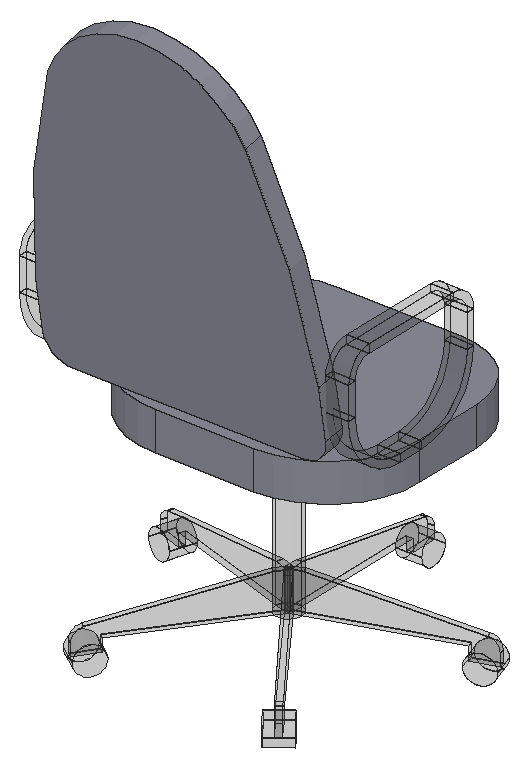
Revit family "АВЛН_Кресло поворотное офисное", category Мебель, Revit 2019
Family settings
  Номер OmniClass = 23.40.20.00
  Заголовок OmniClass = General Furniture and Specialties
  На основе рабочей плоскости = Нет
  Всегда вертикально = Да
  При загрузке вырезать с полостями = Нет
  Общий = Нет
  Точка расчета площади = Нет
Parameters (values of type "Кресло поворотное офисное")
  М_Сиденье = Текстиль - Серо-синий
  М_Основание = Пластмасса, непрозрачная, черная
  Описание = "Кресло поворотное офисное"
  Type Comments = ""
  Keynote = ""
  Изготовитель = "Торговая сеть"
  Группа модели = "Оборудование основных помещений школы"  # constant formula
  ADSK_Размер_Ширина = 539.75 mm
  ADSK_Размер_Длина = 666.75 mm
  ADSK_Размер_Высота = 457.2 mm
  ADSK_Обозначение = "МЕНЕДЖЕР"
  ADSK_Масса = 0
  ADSK_Код изделия = ""
  ADSK_Единица измерения = "шт"  # constant formula
Reference planes
  plane 1 "По центру (Вперед/Назад)": y = 0
  plane 2: z = 0
  plane 3 "По центру (Влево/Вправо)": x = 0
  plane 4 "сиденье": z = 457.2
  plane 5: y = 269.875
  plane 6: y = -269.875
  plane 7: x = -333.375
  plane 8: x = 333.375
  plane 9 "верх": z = 1206.467
Forms (mm)
  Extrusion 1, solid, material "Пластмасса, непрозрачная, черная" <- "М_Основание"
    sketch origin (0, -18.946, 0) x (0, 1, 0) y (0, 0, 1)
      loop
        line (18.946, 53.584) -> (311.046, 53.584) -> (311.046, 28.184) -> (361.846, 28.184) -> (361.846, 52.487)
        arc (361.846, 52.487) -> (355.903, 68.813) -> (340.857, 77.501) r 25.4
        line (340.857, 77.501) -> (44.346, 129.784) -> (18.946, 129.784) -> (18.946, 53.584)
    from 6.35 to -6.35
  Extrusion 2, solid, material "Пластмасса, непрозрачная, черная" <- "М_Основание"
    sketch origin (0, -18.946, 0) x (0, 1, 0) y (0, 0, 1)
      loop
        circle (336.446, 28.184) r 28.2
    from 25.4 to -25.4
  Extrusion 3, solid, material "Пластмасса, непрозрачная, черная" <- "М_Основание"
    sketch origin (18.019, -5.855, 0) x (-0.951057, 0.309017, 0) y (0, 0, 1)
      loop
        line (18.946, 53.584) -> (311.046, 53.584) -> (311.046, 28.184) -> (361.846, 28.184) -> (361.846, 52.487)
        arc (361.846, 52.487) -> (355.903, 68.813) -> (340.857, 77.501) r 25.4
        line (340.857, 77.501) -> (44.346, 129.784) -> (18.946, 129.784) -> (18.946, 53.584)
    from 6.35 to -6.35
  Extrusion 4, solid, material "Пластмасса, непрозрачная, черная" <- "М_Основание"
    sketch origin (18.019, -5.855, 0) x (-0.951057, 0.309017, 0) y (0, 0, 1)
      loop
        circle (336.446, 28.184) r 28.2
    from 25.4 to -25.4
  Extrusion 5, solid, material "Пластмасса, непрозрачная, черная" <- "М_Основание"
    sketch origin (11.136, 15.328, 0) x (-0.587785, -0.809017, 0) y (0, 0, 1)
      loop
        line (18.946, 53.584) -> (311.046, 53.584) -> (311.046, 28.184) -> (361.846, 28.184) -> (361.846, 52.487)
        arc (361.846, 52.487) -> (355.903, 68.813) -> (340.857, 77.501) r 25.4
        line (340.857, 77.501) -> (44.346, 129.784) -> (18.946, 129.784) -> (18.946, 53.584)
    from 6.35 to -6.35
  Extrusion 6, solid, material "Пластмасса, непрозрачная, черная" <- "М_Основание"
    sketch origin (11.136, 15.328, 0) x (-0.587785, -0.809017, 0) y (0, 0, 1)
      loop
        circle (336.446, 28.184) r 28.2
    from 25.4 to -25.4
  Extrusion 7, solid, material "Пластмасса, непрозрачная, черная" <- "М_Основание"
    sketch origin (-11.136, 15.328, 0) x (0.587785, -0.809017, 0) y (0, 0, 1)
      loop
        line (18.946, 53.584) -> (311.046, 53.584) -> (311.046, 28.184) -> (361.846, 28.184) -> (361.846, 52.487)
        arc (361.846, 52.487) -> (355.903, 68.813) -> (340.857, 77.501) r 25.4
        line (340.857, 77.501) -> (44.346, 129.784) -> (18.946, 129.784) -> (18.946, 53.584)
    from 6.35 to -6.35
  Extrusion 8, solid, material "Пластмасса, непрозрачная, черная" <- "М_Основание"
    sketch origin (-11.136, 15.328, 0) x (0.587785, -0.809017, 0) y (0, 0, 1)
      loop
        circle (336.446, 28.184) r 28.2
    from 25.4 to -25.4
  Extrusion 9, solid, material "Пластмасса, непрозрачная, черная" <- "М_Основание"
    sketch origin (-18.019, -5.855, 0) x (0.951057, 0.309017, 0) y (0, 0, 1)
      loop
        line (18.946, 53.584) -> (311.046, 53.584) -> (311.046, 28.184) -> (361.846, 28.184) -> (361.846, 52.487)
        arc (361.846, 52.487) -> (355.903, 68.813) -> (340.857, 77.501) r 25.4
        line (340.857, 77.501) -> (44.346, 129.784) -> (18.946, 129.784) -> (18.946, 53.584)
    from 6.35 to -6.35
  Extrusion 10, solid, material "Пластмасса, непрозрачная, черная" <- "М_Основание"
    sketch origin (-18.019, -5.855, 0) x (0.951057, 0.309017, 0) y (0, 0, 1)
      loop
        circle (336.446, 28.184) r 28.2
    from 25.4 to -25.4
  Extrusion 11, solid, material "Пластмасса, непрозрачная, черная" <- "М_Основание"
    sketch origin (-140.991, -18.946, 0) x (1, 0, 0) y (0, 1, 0)
      loop
        circle (140.991, 18.946) r 25.4
    from 53.584 to 384.175
  Extrusion 12, solid, material "Текстиль - Серо-синий" <- "М_Сиденье"
    sketch origin (-140.991, -18.946, 0) x (1, 0, 0) y (0, 1, 0)
      loop
        arc (20.341, 281.896) -> (-87.422, 237.259) -> (-132.059, 129.496) r 152.4
        line (-132.059, 129.496) -> (-132.059, -6.454)
        arc (-132.059, -6.454) -> (-79.983, -132.178) -> (45.741, -184.254) r 177.8
        line (45.741, -184.254) -> (236.241, -184.254)
        arc (236.241, -184.254) -> (361.964, -132.178) -> (414.041, -6.454) r 177.8
        line (414.041, -6.454) -> (414.041, 129.496)
        arc (414.041, 129.496) -> (369.404, 237.259) -> (261.641, 281.896) r 152.4
        line (261.641, 281.896) -> (20.341, 281.896)
    from 383.784 to 457.2
  Extrusion 13, solid, material "Текстиль - Серо-синий" <- "М_Сиденье"
    sketch origin (-140.991, -150.698, -23.231) x (0, 0.173648, -0.984808) y (1, 0, 0)
      loop
        line (-534.516, -81.259) -> (-534.516, 363.241)
        arc (-534.516, 363.241) -> (-549.395, 399.162) -> (-585.316, 414.041) r 50.8
        line (-585.316, 414.041) -> (-686.916, 414.041)
        arc (-686.916, 414.041) -> (-901.118, 387.762) -> (-1109.461, 331.491) r 1524
        arc (-1109.461, 331.491) -> (-1241.95, 140.991) -> (-1109.461, -49.509) r 203.2
        arc (-1109.461, -49.509) -> (-901.118, -105.781) -> (-686.916, -132.059) r 1524
        line (-686.916, -132.059) -> (-585.316, -132.059)
        arc (-585.316, -132.059) -> (-549.395, -117.18) -> (-534.516, -81.259) r 50.8
    from 0 to -38.1
  Sweep 14, solid, material "Пластмасса, непрозрачная, черная" <- "М_Основание"
    path origin (273.05, -18.946, 0) x (0, 1, 0) y (0, 0, 1)
      loop
        arc (-57.254, 476.3) -> (32.548, 513.497) -> (69.746, 603.3) r 127
        line (69.746, 603.3) -> (69.746, 666.8)
        arc (69.746, 666.8) -> (54.867, 702.721) -> (18.946, 717.6) r 50.8
        line (18.946, 717.6) -> (-184.254, 717.6)
        arc (-184.254, 717.6) -> (-220.175, 702.721) -> (-235.054, 666.8) r 50.8
        line (-235.054, 666.8) -> (-235.054, 603.3)
        arc (-235.054, 603.3) -> (-197.857, 513.497) -> (-108.054, 476.3) r 127
        line (-108.054, 476.3) -> (-57.254, 476.3)
    profile origin (414.041, -101.6, 0) x (0, 0, -1) y (1, 0, 0)
      loop
        line (-477.692, -140.991) -> (-477.692, -96.541) -> (-493.567, -96.541) -> (-493.567, -140.991) -> (-477.692, -140.991)
  Sweep 15, solid, material "Пластмасса, непрозрачная, черная" <- "М_Основание"
    path origin (-273.05, -18.946, 0) x (0, 1, 0) y (0, 0, 1)
      loop
        arc (-57.254, 476.3) -> (32.548, 513.497) -> (69.746, 603.3) r 127
        line (69.746, 603.3) -> (69.746, 666.8)
        arc (69.746, 666.8) -> (54.867, 702.721) -> (18.946, 717.6) r 50.8
        line (18.946, 717.6) -> (-184.254, 717.6)
        arc (-184.254, 717.6) -> (-220.175, 702.721) -> (-235.054, 666.8) r 50.8
        line (-235.054, 666.8) -> (-235.054, 603.3)
        arc (-235.054, 603.3) -> (-197.857, 513.497) -> (-108.054, 476.3) r 127
        line (-108.054, 476.3) -> (-57.254, 476.3)
    profile origin (-678.159, -101.6, 0) x (0, 0, -1) y (1, 0, 0)
      loop
        line (-477.692, 405.109) -> (-493.567, 405.109) -> (-493.567, 360.659) -> (-477.692, 360.659) -> (-477.692, 405.109)
Lines and regions (mm)
  symbolic lines
    curve 1: arc (-269.875, 238.125, 457.2) -> (0, 269.875, 457.2) -> (269.875, 238.125, 457.2) r 1162.844
    curve 2: line (-269.875, 206.375, 457.2) -> (-269.875, 238.125, 457.2)
    curve 3: arc (-333.375, 174.625, 457.2) -> (-269.875, 206.375, 457.2) -> (-206.375, 174.625, 457.2) r 79.375
    curve 4: line (-333.375, -111.125, 457.2) -> (-333.375, 174.625, 457.2)
    curve 5: line (-206.375, 174.625, 457.2) -> (-206.375, -111.125, 457.2)
    curve 6: arc (-206.375, -111.125, 457.2) -> (-269.875, -142.875, 457.2) -> (-333.375, -111.125, 457.2) r 79.375
    curve 7: line (-269.875, -174.625, 457.2) -> (-269.875, -142.875, 457.2)
    curve 8: line (269.875, -174.625, 457.2) -> (-269.875, -174.625, 457.2)
    curve 9: line (269.875, -142.875, 457.2) -> (269.875, -174.625, 457.2)
    curve 10: arc (333.375, -111.125, 457.2) -> (269.875, -142.875, 457.2) -> (206.375, -111.125, 457.2) r 79.375
    curve 11: line (206.375, -111.125, 457.2) -> (206.375, 174.625, 457.2)
    curve 12: line (333.375, 174.625, 457.2) -> (333.375, -111.125, 457.2)
    curve 13: arc (206.375, 174.625, 457.2) -> (269.875, 206.375, 457.2) -> (333.375, 174.625, 457.2) r 79.375
    curve 14: line (269.875, 206.375, 457.2) -> (269.875, 238.125, 457.2)
    curve 15: line (-63.5, -174.625, 457.2) -> (-63.5, -208.423, 457.2)
    curve 16: line (63.5, -207.721, 457.2) -> (63.5, -174.625, 457.2)
    curve 17: arc (-269.875, -238.125, 457.2) -> (0, -206.375, 457.2) -> (269.875, -238.125, 457.2) r 1162.844
    curve 18: line (269.875, -269.875, 457.2) -> (-269.875, -269.875, 457.2)
    curve 19: line (269.875, -238.125, 457.2) -> (269.875, -269.875, 457.2)
    curve 20: line (-269.875, -269.875, 457.2) -> (-269.875, -238.125, 457.2)
  symbolic lines, not visible
    curve 21: arc (-269.875, 258, 457.2) -> (0, 289.75, 457.2) -> (269.875, 258, 457.2) r 1162.844
    curve 22: line (-269.875, 226.25, 457.2) -> (-269.875, 258, 457.2)
    curve 23: arc (-333.375, 194.5, 457.2) -> (-269.875, 226.25, 457.2) -> (-206.375, 194.5, 457.2) r 79.375
    curve 24: line (-333.375, -91.25, 457.2) -> (-333.375, 194.5, 457.2)
    curve 25: line (-206.375, 194.5, 457.2) -> (-206.375, -91.25, 457.2)
    curve 26: arc (-206.375, -91.25, 457.2) -> (-269.875, -123, 457.2) -> (-333.375, -91.25, 457.2) r 79.375
    curve 27: line (-269.875, -154.75, 457.2) -> (-269.875, -123, 457.2)
    curve 28: line (269.875, -154.75, 457.2) -> (-269.875, -154.75, 457.2)
    curve 29: line (269.875, -123, 457.2) -> (269.875, -154.75, 457.2)
    curve 30: arc (333.375, -91.25, 457.2) -> (269.875, -123, 457.2) -> (206.375, -91.25, 457.2) r 79.375
    curve 31: line (206.375, -91.25, 457.2) -> (206.375, 194.5, 457.2)
    curve 32: line (333.375, 194.5, 457.2) -> (333.375, -91.25, 457.2)
    curve 33: arc (206.375, 194.5, 457.2) -> (269.875, 226.25, 457.2) -> (333.375, 194.5, 457.2) r 79.375
    curve 34: line (269.875, 226.25, 457.2) -> (269.875, 258, 457.2)
    curve 35: line (-63.5, -154.75, 457.2) -> (-63.5, -188.548, 457.2)
    curve 36: line (63.5, -187.846, 457.2) -> (63.5, -154.75, 457.2)
    curve 37: arc (-269.875, -218.25, 457.2) -> (0, -186.5, 457.2) -> (269.875, -218.25, 457.2) r 1162.844
    curve 38: line (269.875, -250, 457.2) -> (-269.875, -250, 457.2)
    curve 39: line (269.875, -218.25, 457.2) -> (269.875, -250, 457.2)
    curve 40: line (-269.875, -250, 457.2) -> (-269.875, -218.25, 457.2)
Dimensions and locks
  plane 2 to plane 4 "сиденье" = 457.2 mm
  "ADSK_Размер_Ширина": plane 5 to plane 6
  "ADSK_Размер_Длина": plane 7 to plane 8
  "ADSK_Размер_Высота": level to plane 4 "сиденье"
  equal spacing: plane 7, plane 3 "По центру (Влево/Вправо)", plane 8
  equal spacing: plane 5, plane 1 "По центру (Вперед/Назад)", plane 6
  plane 4 "сиденье" to plane 9 "верх" = 749.267 mm
  aligned and locked: level to plane 2
Automatic sketch dimensions
  Extrusion 1 sketch curve to plane 1 "По центру (Вперед/Назад)" = 0 mm
  Extrusion 1 sketch curve to Extrusion 1 sketch curve = 25.4 mm  (x3)
  plane 5 to Extrusion 1 sketch curve = 22.225 mm
  Extrusion 1 sketch curve to Extrusion 1 sketch curve = 4.411 mm
  level to Extrusion 1 sketch curve = 28.184 mm
  Extrusion 1 sketch curve to Extrusion 1 sketch curve = 24.303 mm
  level to Extrusion 1 sketch curve = 53.584 mm
  Extrusion 1 sketch curve to Extrusion 1 sketch curve = 76.2 mm
  Extrusion 2 sketch curve to Extrusion 2 sketch curve = 0 mm  (x2)
  level to Extrusion 2 sketch curve = 28.184 mm
  plane 5 to Extrusion 2 sketch curve = 47.625 mm
  Extrusion 2 sketch curve to Extrusion 2 sketch curve = 28.2 mm
  level to Extrusion 3 sketch curve = 53.584 mm
  Extrusion 3 sketch curve to Extrusion 3 sketch curve = 25.4 mm  (x3)
  level to Extrusion 3 sketch curve = 28.184 mm
  Extrusion 3 sketch curve to Extrusion 3 sketch curve = 266.7 mm
  level to Extrusion 3 sketch curve = 77.501 mm
  Extrusion 3 sketch curve to Extrusion 3 sketch curve = 4.411 mm
  Extrusion 3 sketch curve to Extrusion 3 sketch curve = 76.2 mm
  Extrusion 4 sketch curve to Extrusion 4 sketch curve = 0 mm  (x2)
  level to Extrusion 4 sketch curve = 28.184 mm
  Extrusion 4 sketch curve to Extrusion 4 sketch curve = 28.2 mm
  level to Extrusion 5 sketch curve = 53.584 mm
  Extrusion 5 sketch curve to Extrusion 5 sketch curve = 25.4 mm  (x3)
  level to Extrusion 5 sketch curve = 28.184 mm
  Extrusion 5 sketch curve to Extrusion 5 sketch curve = 266.7 mm
  level to Extrusion 5 sketch curve = 77.501 mm
  Extrusion 5 sketch curve to Extrusion 5 sketch curve = 4.411 mm
  Extrusion 5 sketch curve to Extrusion 5 sketch curve = 76.2 mm
  Extrusion 6 sketch curve to Extrusion 6 sketch curve = 0 mm  (x2)
  level to Extrusion 6 sketch curve = 28.184 mm
  Extrusion 6 sketch curve to Extrusion 6 sketch curve = 28.2 mm
  level to Extrusion 7 sketch curve = 53.584 mm
  Extrusion 7 sketch curve to Extrusion 7 sketch curve = 25.4 mm  (x3)
  level to Extrusion 7 sketch curve = 28.184 mm
  Extrusion 7 sketch curve to Extrusion 7 sketch curve = 266.7 mm
  level to Extrusion 7 sketch curve = 77.501 mm
  Extrusion 7 sketch curve to Extrusion 7 sketch curve = 4.411 mm
  Extrusion 7 sketch curve to Extrusion 7 sketch curve = 76.2 mm
  Extrusion 8 sketch curve to Extrusion 8 sketch curve = 0 mm  (x2)
  level to Extrusion 8 sketch curve = 28.184 mm
  Extrusion 8 sketch curve to Extrusion 8 sketch curve = 28.2 mm
  level to Extrusion 9 sketch curve = 53.584 mm
  Extrusion 9 sketch curve to Extrusion 9 sketch curve = 25.4 mm  (x3)
  level to Extrusion 9 sketch curve = 28.184 mm
  Extrusion 9 sketch curve to Extrusion 9 sketch curve = 266.7 mm
  level to Extrusion 9 sketch curve = 77.501 mm
  Extrusion 9 sketch curve to Extrusion 9 sketch curve = 4.411 mm
  Extrusion 9 sketch curve to Extrusion 9 sketch curve = 76.2 mm
  Extrusion 10 sketch curve to Extrusion 10 sketch curve = 0 mm  (x2)
  level to Extrusion 10 sketch curve = 28.184 mm
  Extrusion 10 sketch curve to Extrusion 10 sketch curve = 28.2 mm
  Extrusion 11 sketch curve to Extrusion 11 sketch curve = 0 mm  (x2)
  Extrusion 11 sketch curve to plane 1 "По центру (Вперед/Назад)" = 0 mm
  plane 3 "По центру (Влево/Вправо)" to Extrusion 11 sketch curve = 0 mm
  Extrusion 11 sketch curve to Extrusion 11 sketch curve = 25.4 mm
  Extrusion 12 sketch curve to plane 3 "По центру (Влево/Вправо)" = 273.05 mm
  Extrusion 12 sketch curve to plane 5 = 6.925 mm
  Extrusion 12 sketch curve to plane 3 "По центру (Влево/Вправо)" = 120.65 mm
  Extrusion 12 sketch curve to plane 3 "По центру (Влево/Вправо)" = 95.25 mm
  Extrusion 12 sketch curve to plane 8 = 238.125 mm
  Extrusion 12 sketch curve to plane 8 = 212.725 mm
  Extrusion 12 sketch curve to plane 8 = 60.325 mm
  plane 1 "По центру (Вперед/Назад)" to Extrusion 12 sketch curve = 25.4 mm
  plane 3 "По центру (Влево/Вправо)" to Extrusion 13 sketch curve = 0 mm
  Extrusion 13 sketch curve to plane 8 = 60.325 mm
  Extrusion 13 sketch curve to Extrusion 13 sketch curve = 351.834 mm  (x2)
  Extrusion 13 sketch curve to plane 3 "По центру (Влево/Вправо)" = 273.05 mm
  Extrusion 13 sketch curve to Extrusion 13 sketch curve = 78.009 mm  (x2)
  Extrusion 13 sketch curve to plane 7 = 915.577 mm
  Extrusion 13 sketch curve to Extrusion 13 sketch curve = 101.6 mm  (x2)
  Extrusion 13 sketch curve to plane 8 = 111.125 mm
  Extrusion 13 sketch curve to Extrusion 13 sketch curve = 975.902 mm
  Extrusion 13 sketch curve to plane 8 = 142.875 mm
  plane 6 to Sweep 14 sketch curve = 15.875 mm
  Sweep 14 sketch curve to Sweep 14 sketch curve = 50.8 mm  (x2)
  Sweep 14 sketch curve to Sweep 14 sketch curve = 76.2 mm
  Sweep 14 sketch curve to plane 1 "По центру (Вперед/Назад)" = 0 mm
  profile plane to Sweep 14 sketch curve = 17.267 mm
  profile plane to Sweep 14 sketch curve = 1.392 mm
  Sweep 14 sketch curve to Sweep 14 sketch curve = 44.45 mm
  plane 6 to Sweep 15 sketch curve = 15.875 mm
  Sweep 15 sketch curve to Sweep 15 sketch curve = 50.8 mm  (x2)
  Sweep 15 sketch curve to Sweep 15 sketch curve = 76.2 mm
  Sweep 15 sketch curve to plane 1 "По центру (Вперед/Назад)" = 0 mm
  profile plane to Sweep 15 sketch curve = 17.267 mm
  profile plane to Sweep 15 sketch curve = 1.392 mm
  Sweep 15 sketch curve to Sweep 15 sketch curve = 44.45 mm
  Sweep 14 sketch curve to plane 1 "По центру (Вперед/Назад)" = 50.8 mm
  Sweep 14 sketch curve to plane 4 "сиденье" = 19.1 mm
  Sweep 14 sketch curve to Sweep 14 sketch curve = 63.5 mm
  Sweep 15 sketch curve to plane 1 "По центру (Вперед/Назад)" = 50.8 mm
  Sweep 15 sketch curve to plane 4 "сиденье" = 19.1 mm
  Sweep 15 sketch curve to Sweep 15 sketch curve = 63.5 mm
